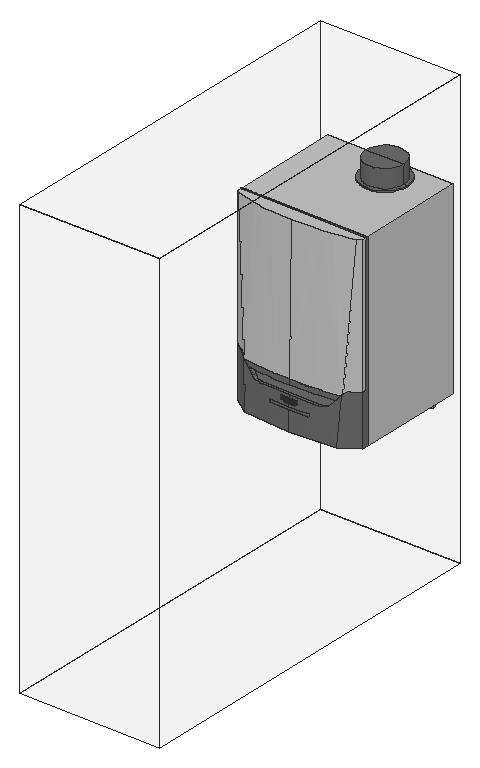
Revit family "Remeha_QuintaAce115_LOD5", category Mechanical Equipment, Revit 2016
Family settings
  Part Type = Normal
  Round Connector Dimension = Use Diameter
  OmniClass Number = 23.75.10.11.14
  OmniClass Title = Hot Water Heat Generators
  Work Plane-Based = No
  Always vertical = Yes
  Cut with Voids When Loaded = Yes
  Shared = No
  Room Calculation Point = No
Parameters (values of type "100/150 Concentric Flue Connection - 150 Connector")
  Weekly = ""
  Water Treatment Required = yes
  Water Content = 9.4 L
  Warranty ID = ""
  Voltage = 230 V
  URL = ""
  Type = "Space heating"
  Turndown Ratio = "5.46:1"
  Text Material = Paint - Black
  Supply Phase = 1
  Starting Current = 0 A
  Sound Pressure Level = "51.0"
  Shipping Weight = 76.50 kg
  Shape = "Rectangular (Vertical)"
  Safety Valve Connection Type = "Unset"
  Safety Valve Connection Size = 0.00 mm
  Responsible Sourcing of Materials = ""
  Responsible Extraction of Materials = ""
  Reference Standard = "GAR 2016/426, BED 92/42/EEC, ErP 2009/125/EC"
  Rated Output = 103900 W
  Rated Criteria = "80/60"
  Quarterly = ""
  Product Range = "Quinta Ace 115"
  Product Model Number = ""
  Product Literature = "https://www.remeha.co.uk/products/wall-hung-range/quinta-ace-30-115"
  Primary Fuel = "Gas - NG"
  Overall Width = 500.00 mm
  Overall Length = 500.00 mm
  Overall Height = 750.00 mm
  Optional Fuel = "LPG"
  Operation and Maintenance Manual = "https://www.remeha.co.uk/products/wall-hung-range/quinta-ace-30-115"
  Oil Consumption rate = 0
  Nominal Oil Inlet Pressure = 0.00000 bar
  Nominal Gas Inlet Pressure = 0.02000 bar
  NOx Emissions = "33"
  Mounting = "Wall Mounted"
  Monthly = ""
  Model = ""
  Minimum Power Consumption = 32 W
  Minimum Operating Pressure = 0.80000 bar
  Minimum Oil Inlet Pressure = 0.00000 bar
  Minimum Gas Inlet Pressure = 0.01700 bar
  Minimum Flow Rate at 20C temperature differential = 1.24 L/s
  Minimum Flow Rate at 11C temperature differential = 2.26 L/s
  Maximum Power Consumption = 182 W
  Maximum Operating Pressure = 4.00000 bar
  Maximum Oil Inlet Pressure = 0.00000 bar
  Maximum Gas Inlet Pressure = 0.02500 bar
  Material Ingredient Reporting = ""
  Manufacturer Website = "www.remeha.co.uk"
  Manufacturer = "Remeha Commercial"
  Maintenance Required 8001 to 12000hrs = ""
  Maintenance Required 601 to 1000hrs = ""
  Maintenance Required 4001 to 8000hrs = ""
  Maintenance Required 301 to 600hrs = ""
  Maintenance Required 2001 to 4000hrs = ""
  Maintenance Required 1001 to 2000hrs = ""
  Maintenance Required 0 to 300hrs = ""
  Location of Manufacturer = ""
  Load Classification = none
  Life Cycle Analysis = ""
  Interlocks = yes
  IfcExportType = "NOTDEFINED"  # constant formula
  IfcExportAs = "IfcBoilerType"  # constant formula
  IP Rating = "X4D"
  IK Rating = "Not Required"
  Hydraulic Resistance at 20C temperature differential = 0.25000 bar
  Hydraulic Resistance at 11C temperature differential = 0.82600 bar
  Heater Operation = "Condensing"
  Heat Exchanger Material = "Aluminium"
  Gross Weight = 74.60 kg
  Green Guide for Specification = ""
  Gas Consumption rate = "11.3"
  Fuse Rating = 2.5 A
  Full Load Current = 0 A
  Fuel Connection Type = "Threaded"
  Fuel Connection Size = 20.00 mm
  Frequency = 50 Hz
  Flue or Air Intake Classification = "B23P,B33,C13,C33,C53,C63,C93"
  Flue Radius = Air Inlet Connection Size / 2  # 75.00 mm
  Flue Connector Size = 150 mm
  Flue Connection size = 100.00 mm
  Flow and Return Connection Type = "Threaded"
  Flow and Return Connection Size = 32.00 mm
  Finish = "High Polish Gardner 60 GRAD 91EH"
  Features = "Remeha's Quinta Pro range are compact high efficiency wall hung condensing boilers. Lighter and more efficienct, their small size make them ideally suited to modular arrangments"
  External Material = "Steel"
  Expected Life = "15"
  ErP Seasonal Efficiency = ""
  ErP Rated Efficiency at Part Load = "97.3"
  ErP Rated Efficiency at Full Load = "87.5"
  ErP Energy Label = "0"
  Environmental Product Declaration = ""
  Energy Technology List = "0"
  Embodied Carbon = ""
  Drain Connection Type = "Unset"
  Drain Connection Size = 25.00 mm
  Description = ""
  Daily = ""
  Control Type = "'0 - 10V, Open Therm, Volt free enable, Direct boiler weather compensating control systems available from Remeha as optional extra's."
  Configuration = "Single boiler"
  Condensate Drain Type = "Plain"
  Condensate Drain Size = 32.00 mm
  Colour = "RAL 9016"
  Clearance Box Visibility [instance] = yes
  Classification.Uniclass.Pr.Number [instance] = "Pr_60_60_08_34"
  Classification.Uniclass.Pr.Description [instance] = "Gas fired Condensing Boilers"
  CE Mark = "0063CS3928"
  Burner Control Type = "Modulating"
  Building Regulations Seasonal Efficiency = "95.44"
  Bespoke Timeframe = ""
  BMS Links = yes
  Annually = "As Per Attached URL O&M Manual"
  Air Inlet Connection Size = 150.00 mm
  Additional Technical Details = "https://www.remeha.co.uk/products/wall-hung-range/quinta-ace-30-115"
  Access Clearance Top = 400.00 mm
  Access Clearance Right = 30.00 mm
  Access Clearance Rear = 0.00 mm
  Access Clearance Left = 30.00 mm
  Access Clearance Front = 1000.00 mm
  Access Clearance Bottom = 600.00 mm
  6 Monthly = ""
Types (2, lengths in mm): name | Flue Connector Size
  100/150 Conventional Flue Connection - 100 Connector | 100
  100/150 Concentric Flue Connection - 150 Connector | 150
Reference planes
  plane 1 "Center (Front/Back)": y = 0
  plane 2: z = 0
  plane 3 "Center (Left/Right)": x = 0
  plane 4: y = -50
  plane 5: y = -75
  plane 6: x = -115
  plane 7: x = 59
  plane 8: x = 119.4
  plane 9: x = 200
  plane 10: x = 250
  plane 11: y = -101
  plane 12: x = -250
  plane 13: y = -500
  plane 14: x = -280
  plane 15: x = 280
  plane 16: y = -1500
  plane 17: y = 0
  plane 18: z = 750
  plane 19: z = 1150
  plane 20: z = -600
  plane 21: z = 824.467
Forms (mm)
  Sweep 1, solid, material "101_240_115"
    path origin (453.507, -50, 3000) x (1, 0, 0) y (0, 0, 1)
      loop
        line (-568.507, -3039.462) -> (-568.507, -3000)
    profile origin (-115, -50, -19.731) x (-1, 0, 0) y (0, -1, 0)
      loop
        circle (0, 0) r 21.2
  Sweep 2, solid
    path origin (453.507, -75, 3000) x (1, 0, 0) y (0, 0, 1)
      loop
        line (-394.507, -3012.462) -> (-394.507, -3000)
    profile origin (59, -75, -6.231) x (-1, 0, 0) y (0, -1, 0)
      loop
        circle (0, 0) r 16.25
  Sweep 3, solid, material "229_0_0"
    path origin (687.907, -50, 3000) x (1, 0, 0) y (0, 0, 1)
      loop
        line (-568.507, -3039.662) -> (-568.507, -3000)
    profile origin (119.4, -50, -19.831) x (-1, 0, 0) y (0, -1, 0)
      loop
        circle (0, 0) r 21.2
  Sweep 4, solid, material "229_229_0"
    path origin (768.507, -50, 3000) x (1, 0, 0) y (0, 0, 1)
      loop
        line (-568.507, -3040) -> (-568.507, -3000)
    profile origin (200, -50, -20) x (-1, 0, 0) y (0, -1, 0)
      loop
        circle (0, 0) r 13.5
  Revolve 5, solid, material "51_51_51"
    sketch origin (453.507, -101, 2990) x (1, 0, 0) y (0, 0, 1)
      loop
        line (-394.507, -2240) -> (-303.507, -2240) -> (-303.507, -2236.533) -> (-319.507, -2236.533) -> (-319.507, -2165.533) -> (-394.507, -2165.533) -> (-394.507, -2240)
      axis (-394.507, -2165.533) -> (-394.507, -2240)
    angle from 0 to 360
  Extrusion 6, solid, material "192_192_192"
    sketch origin (0, 5.687, 0) x (1, 0, 0) y (0, 1, 0)
      loop
        line (-250, -5.687) -> (-250, -432.687) -> (250, -432.687) -> (250, -5.687) -> (-250, -5.687)
    from 0 to 750
  Blend 7, solid, material "51_51_51"
    base sketch origin (0, 5.69, 0) x (1, 0, 0) y (0, 1, 0)
      loop
        line (249.735, -456.82) -> (250.139, -433.688) -> (-250.139, -433.688) -> (-249.735, -456.82) -> (-184.568, -502.286)
        arc (-184.568, -502.286) -> (-92.429, -510.231) -> (0, -513.311) r 1755.189
        arc (0, -513.311) -> (92.429, -510.231) -> (184.568, -502.286) r 1755.189
        line (184.568, -502.286) -> (249.735, -456.82)
    top sketch origin (0, 5.69, 0) x (1, 0, 0) y (0, 1, 0)
      loop
        line (250.139, -433.688) -> (-250.139, -433.688) -> (-249.716, -457.885) -> (-235.73, -467.643)
        arc (-235.73, -467.643) -> (-118.82, -490.038) -> (0, -497.214) r 923.864
        arc (0, -497.214) -> (118.82, -490.038) -> (235.73, -467.643) r 923.864
        line (235.73, -467.643) -> (249.716, -457.885) -> (250.139, -433.688)
    from 0 to 750
  Extrusion 8, void
    sketch origin (0, 0, 0) x (1, 0, 0) y (0, 0, 1)
      loop
        arc (-216.741, 202.277) -> (-209.657, 200.826) -> (-203.818, 196.561) r 17
        line (-203.818, 196.561) -> (-154.08, 141.623)
        arc (-154.08, 141.623) -> (-140.311, 131.663) -> (-123.686, 128.141) r 41
        line (-123.686, 128.141) -> (123.686, 128.141)
        arc (123.686, 128.141) -> (140.311, 131.663) -> (154.08, 141.623) r 41
        line (154.08, 141.623) -> (203.818, 196.561)
        arc (203.818, 196.561) -> (209.657, 200.826) -> (216.741, 202.277) r 17
        line (216.741, 202.277) -> (251.211, 201.857) -> (251.211, 781.159) -> (-251, 781.159) -> (-251, 201.86) -> (-216.741, 202.277)
      loop
        line (-190.992, 184.8) -> (-177.118, 169.664)
        arc (-177.118, 169.664) -> (-172.1, 166.07) -> (-166.06, 164.8) r 15
        line (-166.06, 164.8) -> (166.06, 164.8)
        arc (166.06, 164.8) -> (172.1, 166.07) -> (177.118, 169.664) r 15
        line (177.118, 169.664) -> (190.992, 184.8) -> (-190.992, 184.8)
    from 433.688 to 506.661
  Extrusion 9, void
    sketch origin (0, 5.69, 0) x (0, 1, 0) y (0, 0, 1)
      loop
        line (-507.075, 87.668) -> (-512.351, 87.668) -> (-512.351, 74.979) -> (-507.075, 74.979) -> (-507.075, 87.668)
    from -80 to 80
  Extrusion 10, solid, material "51_51_51"
    sketch origin (0, 5.69, 0) x (0, 1, 0) y (0, 0, 1)
      loop
        line (-494.881, 127.103) -> (-439.378, 127.103) -> (-439.378, 169.103) -> (-474.396, 169.103) -> (-494.881, 127.103)
    from -180 to 180
  Blend 11, solid, material "192_192_192"
    base sketch origin (0, 5.69, 0) x (1, 0, 0) y (0, 1, 0)
      loop
        line (249.735, -456.82) -> (250.139, -433.688) -> (-250.139, -433.688) -> (-249.735, -456.82) -> (-184.568, -502.286)
        arc (-184.568, -502.286) -> (-92.429, -510.231) -> (0, -513.311) r 1755.189
        arc (0, -513.311) -> (92.429, -510.231) -> (184.568, -502.286) r 1755.189
        line (184.568, -502.286) -> (249.735, -456.82)
    top sketch origin (0, 5.69, 0) x (1, 0, 0) y (0, 1, 0)
      loop
        line (250.139, -433.688) -> (-250.139, -433.688) -> (-249.716, -457.885) -> (-235.73, -467.643)
        arc (-235.73, -467.643) -> (-118.82, -490.038) -> (0, -497.214) r 923.864
        arc (0, -497.214) -> (118.82, -490.038) -> (235.73, -467.643) r 923.864
        line (235.73, -467.643) -> (249.716, -457.885) -> (250.139, -433.688)
    from 0 to 750
  Extrusion 12, void
    sketch origin (1400, 0, 0) x (1, 0, 0) y (0, 0, 1)
      loop
        line (-1651, 0) -> (-1148.789, 0) -> (-1148.789, 203.538) -> (-1183.579, 203.961)
        arc (-1183.579, 203.961) -> (-1191.131, 202.462) -> (-1197.432, 198.036) r 18.627
        line (-1197.432, 198.036) -> (-1206.67, 188.061)
        arc (-1206.67, 188.061) -> (-1208.371, 186.852) -> (-1210.413, 186.426) r 5.101
        line (-1210.413, 186.426) -> (-1400, 186.426) -> (-1589.587, 186.426)
        arc (-1589.587, 186.426) -> (-1591.629, 186.852) -> (-1593.33, 188.061) r 5.101
        line (-1593.33, 188.061) -> (-1602.568, 198.036)
        arc (-1602.568, 198.036) -> (-1608.869, 202.462) -> (-1616.421, 203.961) r 18.627
        line (-1616.421, 203.961) -> (-1651, 203.54) -> (-1651, 0)
    from 433.69 to 511.105
  Extrusion 13, solid, material "Clearance", visible <- "Clearance Box Visibility"
    sketch origin (0, 0, 0) x (1, 0, 0) y (0, 1, 0)
      loop
        line (-280, 0) -> (-280, -1500) -> (280, -1500) -> (280, 0) -> (-280, 0)
    from -600 to 1150
  Extrusion 14, solid, material "Paint - Black" <- "Text Material"
    sketch origin (0, 0, 0) x (1, 0, 0) y (0, 0, 1)
      loop
        line (-30.625, 120.395) -> (-30.625, 118.213) -> (30.625, 118.213) -> (30.625, 120.395) -> (-30.625, 120.395)
      loop
        line (-30.625, 106.032) -> (30.625, 106.032) -> (30.625, 108.213) -> (-30.625, 108.213) -> (-30.625, 106.032)
      loop
        line (-28.307, 116.676) -> (-28.307, 109.282) -> (-20.805, 109.282) -> (-20.805, 112.183) -> (-19.053, 112.183)
        arc (-19.053, 112.183) -> (-18.314, 111.847) -> (-18.083, 111.068) r 0.979
        arc (-18.083, 111.068) -> (-18.083, 110.157) -> (-17.832, 109.282) r 3.272
        line (-17.832, 109.282) -> (-16.376, 109.282)
        arc (-16.376, 109.282) -> (-16.561, 110.336) -> (-16.618, 111.404) r 8.915
        arc (-16.618, 111.404) -> (-16.885, 112.268) -> (-17.601, 112.822) r 1.5
        arc (-17.601, 112.822) -> (-16.323, 115.034) -> (-18.28, 116.676) r 1.987
        line (-18.28, 116.676) -> (-20.805, 116.676) -> (-28.307, 116.676)
      loop
        line (-20.805, 115.402) -> (-20.805, 113.382) -> (-18.787, 113.382)
        arc (-18.787, 113.382) -> (-18.37, 113.534) -> (-18.148, 113.918) r 0.649
        arc (-18.148, 113.918) -> (-18.033, 114.426) -> (-18.159, 114.93) r 1.124
        arc (-18.159, 114.93) -> (-18.505, 115.276) -> (-18.976, 115.402) r 0.944
        line (-18.976, 115.402) -> (-20.805, 115.402)
      loop
        line (-26.948, 115.402) -> (-26.948, 110.655) -> (-22.202, 110.655) -> (-22.202, 115.402) -> (-26.948, 115.402)
      loop
        line (-9.068, 114.754) -> (-10.47, 114.754) -> (-10.47, 109.282) -> (-8.958, 109.282) -> (-8.958, 112.222)
        arc (-8.958, 112.222) -> (-8.681, 113.022) -> (-7.968, 113.478) r 1.291
        arc (-7.968, 113.478) -> (-7.458, 113.497) -> (-6.98, 113.316) r 1.291
        line (-6.98, 113.316) -> (-6.98, 114.889)
        arc (-6.98, 114.889) -> (-8.226, 114.723) -> (-9.068, 113.79) r 1.823
        line (-9.068, 113.79) -> (-9.068, 114.754)
      loop
        line (-5.139, 111.705) -> (-1.277, 111.705)
        arc (-1.277, 111.705) -> (-3.967, 114.88) -> (-6.562, 111.627) r 2.694
        arc (-6.562, 111.627) -> (-4.23, 109.192) -> (-1.394, 111.016) r 2.651
        line (-1.394, 111.016) -> (-2.704, 111.016)
        arc (-2.704, 111.016) -> (-4.224, 110.293) -> (-5.139, 111.705) r 1.276
      loop
        line (-5.147, 112.62) -> (-2.707, 112.62)
        arc (-2.707, 112.62) -> (-3.927, 113.841) -> (-5.147, 112.62) r 1.22
      loop
        line (1.337, 113.988) -> (1.337, 114.776) -> (-0.066, 114.776) -> (-0.066, 109.389) -> (1.396, 109.389) -> (1.396, 112.819)
        arc (1.396, 112.819) -> (2.357, 113.78) -> (3.318, 112.819) r 0.961
        line (3.318, 112.819) -> (3.318, 109.389) -> (4.781, 109.389) -> (4.781, 112.819)
        arc (4.781, 112.819) -> (5.723, 113.761) -> (6.665, 112.819) r 0.942
        line (6.665, 112.819) -> (6.665, 109.389) -> (8.107, 109.389) -> (8.107, 112.925)
        arc (8.107, 112.925) -> (8.131, 113.503) -> (7.91, 114.038) r 1.349
        arc (7.91, 114.038) -> (6.224, 114.92) -> (4.538, 114.038) r 2.053
        arc (4.538, 114.038) -> (2.923, 114.936) -> (1.337, 113.988) r 1.848
      loop
        line (10.835, 111.705) -> (14.697, 111.705)
        arc (14.697, 111.705) -> (12.007, 114.88) -> (9.413, 111.627) r 2.694
        arc (9.413, 111.627) -> (11.745, 109.192) -> (14.58, 111.016) r 2.651
        line (14.58, 111.016) -> (13.271, 111.016)
        arc (13.271, 111.016) -> (11.751, 110.293) -> (10.835, 111.705) r 1.276
      loop
        line (10.827, 112.62) -> (13.268, 112.62)
        arc (13.268, 112.62) -> (12.048, 113.841) -> (10.827, 112.62) r 1.22
      loop
        line (17.364, 116.805) -> (15.821, 116.805) -> (15.821, 109.416) -> (17.364, 109.416) -> (17.364, 112.62)
        arc (17.364, 112.62) -> (18.386, 113.878) -> (19.408, 112.62) r 1.044
        line (19.408, 112.62) -> (19.408, 109.416) -> (20.934, 109.416) -> (20.934, 113.081)
        arc (20.934, 113.081) -> (19.516, 114.929) -> (17.364, 114.038) r 1.913
        line (17.364, 114.038) -> (17.364, 116.805)
      loop
        line (22.242, 113.094) -> (23.722, 113.094)
        arc (23.722, 113.094) -> (23.883, 113.574) -> (24.311, 113.847) r 0.76
        arc (24.311, 113.847) -> (24.781, 113.923) -> (25.255, 113.868) r 1.739
        arc (25.255, 113.868) -> (25.672, 113.375) -> (25.347, 112.817) r 0.559
        arc (25.347, 112.817) -> (24.586, 112.573) -> (23.79, 112.514) r 3.395
        arc (23.79, 112.514) -> (23.01, 112.359) -> (22.39, 111.862) r 1.672
        arc (22.39, 111.862) -> (22.047, 110.754) -> (22.507, 109.69) r 1.672
        arc (22.507, 109.69) -> (23.456, 109.312) -> (24.477, 109.296) r 2.817
        arc (24.477, 109.296) -> (25.226, 109.546) -> (25.673, 110.197) r 1.24
        arc (25.673, 110.197) -> (25.722, 109.795) -> (25.841, 109.407) r 2.328
        line (25.841, 109.407) -> (27.312, 109.407)
        arc (27.312, 109.407) -> (27.148, 109.949) -> (27.093, 110.512) r 2.901
        line (27.093, 110.512) -> (27.093, 113.568)
        arc (27.093, 113.568) -> (26.736, 114.43) -> (25.874, 114.787) r 1.219
        arc (25.874, 114.787) -> (24.773, 114.91) -> (23.672, 114.787) r 4.994
        arc (23.672, 114.787) -> (22.673, 114.18) -> (22.242, 113.094) r 1.837
      loop
        arc (23.575, 111.229) -> (23.583, 110.746) -> (23.888, 110.371) r 0.737
        arc (23.888, 110.371) -> (24.388, 110.254) -> (24.895, 110.337) r 1.324
        arc (24.895, 110.337) -> (25.433, 110.755) -> (25.637, 111.405) r 1.14
        line (25.637, 111.405) -> (25.637, 112.191)
        arc (25.637, 112.191) -> (25.209, 111.86) -> (24.672, 111.801) r 0.999
        arc (24.672, 111.801) -> (24.028, 111.698) -> (23.575, 111.229) r 1.029
      loop
        line (-14.73, 105.293) -> (-14.73, 102.893)
        arc (-14.73, 102.893) -> (-14.262, 101.761) -> (-13.13, 101.293) r 1.6
        line (-13.13, 101.293) -> (-11.33, 101.293)
        arc (-11.33, 101.293) -> (-10.199, 101.761) -> (-9.73, 102.893) r 1.6
        line (-9.73, 102.893) -> (-9.73, 105.293) -> (-10.73, 105.293) -> (-10.73, 102.893)
        arc (-10.73, 102.893) -> (-10.965, 102.327) -> (-11.53, 102.093) r 0.8
        line (-11.53, 102.093) -> (-12.93, 102.093)
        arc (-12.93, 102.093) -> (-13.496, 102.327) -> (-13.73, 102.893) r 0.8
        line (-13.73, 102.893) -> (-13.73, 105.293) -> (-14.73, 105.293)
      loop
        line (23.957, 105.293) -> (19.757, 105.293) -> (19.757, 101.293) -> (23.957, 101.293) -> (23.957, 102.093) -> (20.757, 102.093) -> (20.757, 102.893) -> (23.957, 102.893) -> (23.957, 103.693) -> (20.757, 103.693) -> (20.757, 104.493) -> (23.957, 104.493) -> (23.957, 105.293)
      loop
        line (14.257, 103.693) -> (14.257, 102.893)
        arc (14.257, 102.893) -> (14.726, 101.761) -> (15.857, 101.293) r 1.6
        line (15.857, 101.293) -> (17.657, 101.293)
        arc (17.657, 101.293) -> (18.789, 101.761) -> (19.257, 102.893) r 1.6
        line (19.257, 102.893) -> (18.257, 102.893)
        arc (18.257, 102.893) -> (18.023, 102.327) -> (17.457, 102.093) r 0.8
        line (17.457, 102.093) -> (16.057, 102.093)
        arc (16.057, 102.093) -> (15.492, 102.327) -> (15.257, 102.893) r 0.8
        line (15.257, 102.893) -> (15.257, 103.693)
        arc (15.257, 103.693) -> (15.492, 104.259) -> (16.057, 104.493) r 0.8
        line (16.057, 104.493) -> (17.457, 104.493)
        arc (17.457, 104.493) -> (18.023, 104.259) -> (18.257, 103.693) r 0.8
        line (18.257, 103.693) -> (19.257, 103.693)
        arc (19.257, 103.693) -> (18.789, 104.824) -> (17.657, 105.293) r 1.6
        line (17.657, 105.293) -> (15.857, 105.293)
        arc (15.857, 105.293) -> (14.726, 104.824) -> (14.257, 103.693) r 1.6
      loop
        line (10.851, 105.293) -> (9.07, 101.293) -> (10.164, 101.293) -> (10.521, 102.093) -> (12.619, 102.093) -> (12.975, 101.293) -> (14.07, 101.293) -> (12.289, 105.293) -> (10.851, 105.293)
      loop
        line (10.877, 102.893) -> (12.263, 102.893) -> (11.57, 104.449) -> (10.877, 102.893)
      loop
        line (-20.23, 103.693) -> (-20.23, 102.893)
        arc (-20.23, 102.893) -> (-19.762, 101.761) -> (-18.63, 101.293) r 1.6
        line (-18.63, 101.293) -> (-16.83, 101.293)
        arc (-16.83, 101.293) -> (-16.428, 101.344) -> (-16.052, 101.495) r 1.6
        line (-16.052, 101.495) -> (-15.593, 100.84) -> (-14.937, 101.299) -> (-15.467, 102.055)
        arc (-15.467, 102.055) -> (-15.291, 102.458) -> (-15.23, 102.893) r 1.6
        line (-15.23, 102.893) -> (-15.23, 103.693)
        arc (-15.23, 103.693) -> (-15.699, 104.824) -> (-16.83, 105.293) r 1.6
        line (-16.83, 105.293) -> (-18.63, 105.293)
        arc (-18.63, 105.293) -> (-19.762, 104.824) -> (-20.23, 103.693) r 1.6
      loop
        line (-19.23, 103.693) -> (-19.23, 102.893)
        arc (-19.23, 102.893) -> (-18.996, 102.327) -> (-18.43, 102.093) r 0.8
        line (-18.43, 102.093) -> (-17.03, 102.093)
        arc (-17.03, 102.093) -> (-16.465, 102.327) -> (-16.23, 102.893) r 0.8
        line (-16.23, 102.893) -> (-16.23, 103.693)
        arc (-16.23, 103.693) -> (-16.465, 104.259) -> (-17.03, 104.493) r 0.8
        line (-17.03, 104.493) -> (-18.43, 104.493)
        arc (-18.43, 104.493) -> (-18.996, 104.259) -> (-19.23, 103.693) r 0.8
      loop
        line (-9.23, 105.293) -> (-9.23, 101.293) -> (-8.23, 101.293) -> (-8.23, 105.293) -> (-9.23, 105.293)
      loop
        line (-7.73, 105.293) -> (-7.73, 101.293) -> (-6.73, 101.293) -> (-6.73, 104.493) -> (-4.405, 101.293) -> (-2.73, 101.293) -> (-2.73, 105.293) -> (-3.73, 105.293) -> (-3.73, 102.093) -> (-6.055, 105.293) -> (-7.73, 105.293)
      loop
        line (-2.23, 105.293) -> (-2.23, 104.493) -> (-0.23, 104.493) -> (-0.23, 101.293) -> (0.77, 101.293) -> (0.77, 104.493) -> (2.77, 104.493) -> (2.77, 105.293) -> (-2.23, 105.293)
      loop
        line (3.851, 105.293) -> (2.07, 101.293) -> (3.164, 101.293) -> (3.521, 102.093) -> (5.619, 102.093) -> (5.975, 101.293) -> (7.07, 101.293) -> (5.289, 105.293) -> (3.851, 105.293)
      loop
        line (3.877, 102.893) -> (5.263, 102.893) -> (4.57, 104.449) -> (3.877, 102.893)
    from 505 to 506.998
Cuts and joins
  Extrusion 8, Extrusion 9 cuts Blend 7
  joined: Blend 7, Extrusion 10
  Extrusion 12 cuts Blend 11
Dimensions and locks
  locked: plane 4 to plane 1 "Center (Front/Back)" at 50
  locked: plane 5 to plane 1 "Center (Front/Back)" at 75
  locked: plane 9 to plane 10 at 50
  locked: plane 8 to plane 10 at 130.6
  locked: plane 7 to plane 10 at 191
  locked: plane 6 to plane 10 at 365
  locked: plane 11 to plane 1 "Center (Front/Back)" at 101
  "Flue Radius": Revolve 5 sketch curve to plane 7
  locked: Revolve 5 sketch curve to plane 7 at 91
  equal spacing: plane 12, plane 3 "Center (Left/Right)", plane 10
  locked: plane 13 to plane 1 "Center (Front/Back)" at 500
  "Access Clearance Front": plane 16 to plane 13
  "Access Clearance Rear": plane 1 "Center (Front/Back)" to plane 17
  locked: plane 12 to plane 10 at 500
  "Access Clearance Right": plane 10 to plane 15
  "Access Clearance Left": plane 14 to plane 12
  "Overall Height": plane 18 to plane 2
  "Access Clearance Bottom": plane 2 to plane 20
  "Access Clearance Top": plane 19 to plane 18
  locked: plane 21 to plane 18 at 74.467
  plane 3 "Center (Left/Right)" to Extrusion 13 = 280.00 mm
  aligned and locked: level to plane 2
  aligned and locked: plane 6 to Sweep 1 sketch curve
  aligned and locked: profile plane to Sweep 1 sketch curve  (x2)
  aligned and locked: profile plane to Sweep 2 sketch curve  (x2)
  aligned and locked: Sweep 2 sketch curve to plane 7
  aligned and locked: profile plane to Sweep 3 sketch curve  (x2)
  aligned and locked: plane 8 to Sweep 3 sketch curve
  aligned and locked: profile plane to Sweep 4 sketch curve  (x2)
  aligned and locked: plane 9 to Sweep 4 sketch curve
  aligned and locked: Revolve 5 sketch curve to plane 7
  aligned and locked: plane 17 to Extrusion 13 sketch curve
  aligned and locked: plane 14 to Extrusion 13 sketch curve
  aligned and locked: Extrusion 13 sketch curve to plane 15
  aligned and locked: Extrusion 13 sketch curve to plane 16
  aligned and locked: Revolve 5 to plane 21
  aligned and locked: Revolve 5 to plane 18
  aligned and locked: Extrusion 13 to plane 19
Automatic sketch dimensions
  Sweep 1 sketch curve to level = 0.00 mm
  Sweep 1 sketch curve to level = 39.462 mm
  Sweep 2 sketch curve to level = 0.00 mm
  Sweep 2 sketch curve to level = 12.462 mm
  Sweep 3 sketch curve to level = 0.00 mm
  Sweep 3 sketch curve to Sweep 3 sketch curve = 39.662 mm
  Sweep 4 sketch curve to level = 0.00 mm
  Sweep 4 sketch curve to Sweep 4 sketch curve = 40.00 mm
  Extrusion 6 sketch curve to plane 10 = 0.00 mm
  plane 1 "Center (Front/Back)" to Extrusion 6 sketch curve = 0.00 mm
  Extrusion 6 sketch curve to plane 6 = 135.00 mm
  plane 11 to Extrusion 6 sketch curve = 326.00 mm
  Blend 7 sketch curve to plane 3 "Center (Left/Right)" = 0.00 mm  (x2)
  Blend 7 sketch curve to plane 3 "Center (Left/Right)" = 12.233 mm
  Blend 7 sketch curve to plane 6 = 69.568 mm
  Blend 7 sketch curve to Blend 7 sketch curve = 65.167 mm
  Blend 7 sketch curve to Blend 7 sketch curve = 0.404 mm
  plane 3 "Center (Left/Right)" to Blend 7 sketch curve = 12.233 mm
  Blend 7 sketch curve to plane 9 = 15.432 mm
  Blend 7 sketch curve to plane 10 = 0.265 mm
  plane 10 to Blend 7 sketch curve = 0.139 mm  (x2)
  plane 11 to Blend 7 sketch curve = 395.596 mm
  Blend 7 sketch curve to Blend 7 sketch curve = 0.00 mm
  Blend 7 sketch curve to Blend 7 sketch curve = 45.466 mm  (x2)
  Blend 7 sketch curve to Blend 7 sketch curve = 23.133 mm
  Blend 7 sketch curve to plane 1 "Center (Front/Back)" = 1247.525 mm
  Blend 7 sketch curve to plane 3 "Center (Left/Right)" = 3.828 mm
  Blend 7 sketch curve to plane 6 = 120.73 mm
  Blend 7 sketch curve to Blend 7 sketch curve = 13.986 mm
  Blend 7 sketch curve to Blend 7 sketch curve = 0.422 mm
  plane 3 "Center (Left/Right)" to Blend 7 sketch curve = 3.828 mm
  Blend 7 sketch curve to plane 10 = 14.27 mm
  Blend 7 sketch curve to plane 10 = 0.284 mm
  plane 11 to Blend 7 sketch curve = 360.953 mm
  plane 1 "Center (Front/Back)" to Blend 7 sketch curve = 461.953 mm
  Blend 7 sketch curve to Blend 7 sketch curve = 9.758 mm  (x2)
  Blend 7 sketch curve to Blend 7 sketch curve = 24.198 mm
  Blend 7 sketch curve to plane 1 "Center (Front/Back)" = 432.332 mm
  Extrusion 8 sketch curve to plane 6 = 136.00 mm
  Extrusion 8 sketch curve to Extrusion 8 sketch curve = 34.259 mm
  Extrusion 8 sketch curve to Extrusion 8 sketch curve = 0.207 mm
  Extrusion 8 sketch curve to Extrusion 8 sketch curve = 12.923 mm  (x2)
  Extrusion 8 sketch curve to Extrusion 8 sketch curve = 12.826 mm
  Extrusion 8 sketch curve to Extrusion 8 sketch curve = 13.874 mm
  Extrusion 8 sketch curve to Extrusion 8 sketch curve = 11.057 mm  (x2)
  Extrusion 8 sketch curve to Extrusion 8 sketch curve = 11.98 mm  (x2)
  Extrusion 8 sketch curve to plane 6 = 8.686 mm
  plane 8 to Extrusion 8 sketch curve = 4.286 mm
  Extrusion 8 sketch curve to Extrusion 8 sketch curve = 30.394 mm
  Extrusion 8 sketch curve to plane 9 = 9.008 mm
  plane 9 to Extrusion 8 sketch curve = 3.818 mm
  plane 9 to Extrusion 8 sketch curve = 16.534 mm
  plane 10 to Extrusion 8 sketch curve = 1.211 mm
  level to Extrusion 8 sketch curve = 128.141 mm
  Extrusion 8 sketch curve to Extrusion 8 sketch curve = 13.483 mm  (x2)
  Extrusion 8 sketch curve to Extrusion 8 sketch curve = 23.177 mm
  Extrusion 8 sketch curve to Extrusion 8 sketch curve = 4.864 mm  (x2)
  Extrusion 8 sketch curve to Extrusion 8 sketch curve = 15.136 mm
  Extrusion 8 sketch curve to Extrusion 8 sketch curve = 0.478 mm  (x2)
  Extrusion 8 sketch curve to Extrusion 8 sketch curve = 11.283 mm  (x2)
  Extrusion 8 sketch curve to Extrusion 8 sketch curve = 0.42 mm
  Extrusion 8 sketch curve to Extrusion 8 sketch curve = 0.417 mm
  Extrusion 8 sketch curve to Extrusion 8 sketch curve = 579.299 mm
  level to Extrusion 9 sketch curve = 87.668 mm
  plane 11 to Extrusion 9 sketch curve = 405.661 mm
  Extrusion 9 sketch curve to Extrusion 9 sketch curve = 5.277 mm
  Extrusion 9 sketch curve to Extrusion 9 sketch curve = 12.689 mm
  level to Extrusion 10 sketch curve = 127.103 mm
  plane 11 to Extrusion 10 sketch curve = 388.191 mm
  Extrusion 10 sketch curve to Extrusion 10 sketch curve = 20.485 mm
  Extrusion 10 sketch curve to Extrusion 10 sketch curve = 35.018 mm
  Extrusion 10 sketch curve to Extrusion 10 sketch curve = 42.00 mm
  Blend 11 sketch curve to plane 3 "Center (Left/Right)" = 0.00 mm  (x2)
  Blend 11 sketch curve to plane 3 "Center (Left/Right)" = 12.233 mm
  Blend 11 sketch curve to plane 6 = 69.568 mm
  Blend 11 sketch curve to Blend 11 sketch curve = 65.167 mm
  Blend 11 sketch curve to Blend 11 sketch curve = 0.404 mm
  plane 3 "Center (Left/Right)" to Blend 11 sketch curve = 12.233 mm
  Blend 11 sketch curve to plane 9 = 15.432 mm
  Blend 11 sketch curve to plane 10 = 0.265 mm
  plane 10 to Blend 11 sketch curve = 0.139 mm  (x2)
  plane 11 to Blend 11 sketch curve = 395.596 mm
  Blend 11 sketch curve to Blend 11 sketch curve = 0.00 mm
  Blend 11 sketch curve to Blend 11 sketch curve = 45.466 mm  (x2)
  Blend 11 sketch curve to Blend 11 sketch curve = 23.133 mm
  Blend 11 sketch curve to plane 1 "Center (Front/Back)" = 1247.525 mm
  Blend 11 sketch curve to plane 3 "Center (Left/Right)" = 3.828 mm
  Blend 11 sketch curve to plane 6 = 120.73 mm
  Blend 11 sketch curve to Blend 11 sketch curve = 13.986 mm
  Blend 11 sketch curve to Blend 11 sketch curve = 0.422 mm
  plane 3 "Center (Left/Right)" to Blend 11 sketch curve = 3.828 mm
  Blend 11 sketch curve to plane 10 = 14.27 mm
  Blend 11 sketch curve to plane 10 = 0.284 mm
  plane 11 to Blend 11 sketch curve = 360.953 mm
  plane 1 "Center (Front/Back)" to Blend 11 sketch curve = 461.953 mm
  Blend 11 sketch curve to Blend 11 sketch curve = 9.758 mm  (x2)
  Blend 11 sketch curve to Blend 11 sketch curve = 24.198 mm
  Blend 11 sketch curve to plane 1 "Center (Front/Back)" = 432.332 mm
  Extrusion 12 sketch curve to level = 0.00 mm
  Extrusion 12 sketch curve to plane 3 "Center (Left/Right)" = 0.00 mm
  Extrusion 12 sketch curve to plane 6 = 74.587 mm
  Extrusion 12 sketch curve to Extrusion 12 sketch curve = 3.742 mm  (x2)
  Extrusion 12 sketch curve to Extrusion 12 sketch curve = 9.238 mm
  Extrusion 12 sketch curve to Extrusion 12 sketch curve = 13.626 mm
  Extrusion 12 sketch curve to Extrusion 12 sketch curve = 13.853 mm  (x2)
  Extrusion 12 sketch curve to plane 6 = 136.00 mm
  Extrusion 12 sketch curve to plane 9 = 10.413 mm
  plane 9 to Extrusion 12 sketch curve = 2.568 mm
  plane 9 to Extrusion 12 sketch curve = 16.194 mm
  plane 10 to Extrusion 12 sketch curve = 1.211 mm
  level to Extrusion 12 sketch curve = 185.336 mm  (x2)
  Extrusion 12 sketch curve to Extrusion 12 sketch curve = 1.09 mm
  Extrusion 12 sketch curve to Extrusion 12 sketch curve = 1.635 mm  (x2)
  Extrusion 12 sketch curve to Extrusion 12 sketch curve = 9.975 mm  (x2)
  Extrusion 12 sketch curve to Extrusion 12 sketch curve = 0.424 mm
  Extrusion 12 sketch curve to Extrusion 12 sketch curve = 0.421 mm
  Extrusion 14 sketch curve to Extrusion 14 sketch curve = 0.00 mm  (x35)
  Extrusion 14 sketch curve to plane 3 "Center (Left/Right)" = 30.625 mm
  Extrusion 14 sketch curve to Extrusion 14 sketch curve = 2.318 mm
  Extrusion 14 sketch curve to Extrusion 14 sketch curve = 1.36 mm
  Extrusion 14 sketch curve to Extrusion 14 sketch curve = 4.746 mm
  Extrusion 14 sketch curve to Extrusion 14 sketch curve = 1.397 mm  (x2)
  Extrusion 14 sketch curve to Extrusion 14 sketch curve = 0.575 mm
  Extrusion 14 sketch curve to Extrusion 14 sketch curve = 1.00 mm  (x9)
  Extrusion 14 sketch curve to Extrusion 14 sketch curve = 1.648 mm
  Extrusion 14 sketch curve to Extrusion 14 sketch curve = 1.752 mm
  Extrusion 14 sketch curve to Extrusion 14 sketch curve = 0.18 mm
  Extrusion 14 sketch curve to Extrusion 14 sketch curve = 0.19 mm
  Extrusion 14 sketch curve to Extrusion 14 sketch curve = 0.60 mm  (x9)
  Extrusion 14 sketch curve to Extrusion 14 sketch curve = 0.20 mm  (x10)
  Extrusion 14 sketch curve to Extrusion 14 sketch curve = 0.696 mm
  Extrusion 14 sketch curve to Extrusion 14 sketch curve = 0.935 mm
  Extrusion 14 sketch curve to Extrusion 14 sketch curve = 0.286 mm  (x2)
  Extrusion 14 sketch curve to Extrusion 14 sketch curve = 1.40 mm  (x3)
  Extrusion 14 sketch curve to Extrusion 14 sketch curve = 1.456 mm
  Extrusion 14 sketch curve to Extrusion 14 sketch curve = 0.779 mm
  Extrusion 14 sketch curve to Extrusion 14 sketch curve = 0.459 mm
  Extrusion 14 sketch curve to Extrusion 14 sketch curve = 0.584 mm
  Extrusion 14 sketch curve to Extrusion 14 sketch curve = 0.655 mm
  Extrusion 14 sketch curve to Extrusion 14 sketch curve = 1.533 mm
  Extrusion 14 sketch curve to Extrusion 14 sketch curve = 0.50 mm  (x5)
  Extrusion 14 sketch curve to Extrusion 14 sketch curve = 4.373 mm
  Extrusion 14 sketch curve to Extrusion 14 sketch curve = 1.402 mm
  Extrusion 14 sketch curve to Extrusion 14 sketch curve = 1.512 mm
  Extrusion 14 sketch curve to Extrusion 14 sketch curve = 1.255 mm
  Extrusion 14 sketch curve to Extrusion 14 sketch curve = 0.036 mm
  Extrusion 14 sketch curve to Extrusion 14 sketch curve = 0.29 mm
  Extrusion 14 sketch curve to Extrusion 14 sketch curve = 0.396 mm
  Extrusion 14 sketch curve to Extrusion 14 sketch curve = 0.675 mm  (x2)
  Extrusion 14 sketch curve to Extrusion 14 sketch curve = 1.833 mm
  Extrusion 14 sketch curve to Extrusion 14 sketch curve = 0.008 mm  (x2)
  Extrusion 14 sketch curve to Extrusion 14 sketch curve = 2.325 mm
  Extrusion 14 sketch curve to Extrusion 14 sketch curve = 1.22 mm  (x2)
  Extrusion 14 sketch curve to Extrusion 14 sketch curve = 0.001 mm  (x2)
  Extrusion 14 sketch curve to Extrusion 14 sketch curve = 0.009 mm  (x2)
  Extrusion 14 sketch curve to Extrusion 14 sketch curve = 0.043 mm  (x2)
  Extrusion 14 sketch curve to Extrusion 14 sketch curve = 1.172 mm  (x2)
  Extrusion 14 sketch curve to Extrusion 14 sketch curve = 1.31 mm  (x2)
  Extrusion 14 sketch curve to Extrusion 14 sketch curve = 0.117 mm  (x2)
  Extrusion 14 sketch curve to plane 3 "Center (Left/Right)" = 0.23 mm
  Extrusion 14 sketch curve to plane 3 "Center (Left/Right)" = 0.066 mm
  plane 3 "Center (Left/Right)" to Extrusion 14 sketch curve = 0.77 mm
  plane 3 "Center (Left/Right)" to Extrusion 14 sketch curve = 1.337 mm
  plane 3 "Center (Left/Right)" to Extrusion 14 sketch curve = 1.396 mm
  Extrusion 14 sketch curve to Extrusion 14 sketch curve = 1.30 mm
  Extrusion 14 sketch curve to Extrusion 14 sketch curve = 0.961 mm
  Extrusion 14 sketch curve to Extrusion 14 sketch curve = 2.00 mm  (x2)
  Extrusion 14 sketch curve to Extrusion 14 sketch curve = 0.366 mm
  Extrusion 14 sketch curve to Extrusion 14 sketch curve = 1.095 mm  (x4)
  Extrusion 14 sketch curve to Extrusion 14 sketch curve = 0.356 mm  (x8)
  Extrusion 14 sketch curve to Extrusion 14 sketch curve = 1.081 mm
  Extrusion 14 sketch curve to Extrusion 14 sketch curve = 0.719 mm  (x4)
  Extrusion 14 sketch curve to Extrusion 14 sketch curve = 1.463 mm
  Extrusion 14 sketch curve to Extrusion 14 sketch curve = 1.386 mm  (x2)
  Extrusion 14 sketch curve to Extrusion 14 sketch curve = 0.942 mm
  Extrusion 14 sketch curve to Extrusion 14 sketch curve = 0.441 mm
  Extrusion 14 sketch curve to Extrusion 14 sketch curve = 0.137 mm
  Extrusion 14 sketch curve to Extrusion 14 sketch curve = 1.304 mm
  Extrusion 14 sketch curve to Extrusion 14 sketch curve = 2.721 mm
  Extrusion 14 sketch curve to Extrusion 14 sketch curve = 0.33 mm
  Extrusion 14 sketch curve to Extrusion 14 sketch curve = 1.995 mm  (x2)
  Extrusion 14 sketch curve to Extrusion 14 sketch curve = 2.553 mm
  Extrusion 14 sketch curve to Extrusion 14 sketch curve = 1.542 mm  (x2)
  Extrusion 14 sketch curve to Extrusion 14 sketch curve = 1.022 mm
  Extrusion 14 sketch curve to Extrusion 14 sketch curve = 0.635 mm
  Extrusion 14 sketch curve to Extrusion 14 sketch curve = 0.388 mm
  Extrusion 14 sketch curve to Extrusion 14 sketch curve = 1.50 mm
  Extrusion 14 sketch curve to Extrusion 14 sketch curve = 1.526 mm
  Extrusion 14 sketch curve to Extrusion 14 sketch curve = 1.309 mm
  Extrusion 14 sketch curve to Extrusion 14 sketch curve = 1.474 mm
  Extrusion 14 sketch curve to Extrusion 14 sketch curve = 1.48 mm
  Extrusion 14 sketch curve to Extrusion 14 sketch curve = 0.217 mm
  Extrusion 14 sketch curve to Extrusion 14 sketch curve = 3.20 mm  (x2)
  Extrusion 14 sketch curve to Extrusion 14 sketch curve = 0.355 mm
  Extrusion 14 sketch curve to Extrusion 14 sketch curve = 0.558 mm
  Extrusion 14 sketch curve to Extrusion 14 sketch curve = 0.158 mm
  Extrusion 14 sketch curve to Extrusion 14 sketch curve = 0.205 mm
  Extrusion 14 sketch curve to Extrusion 14 sketch curve = 0.406 mm
  Extrusion 14 sketch curve to Extrusion 14 sketch curve = 0.064 mm
  Extrusion 14 sketch curve to Extrusion 14 sketch curve = 0.024 mm
  Extrusion 14 sketch curve to Extrusion 14 sketch curve = 0.293 mm
  Extrusion 14 sketch curve to Extrusion 14 sketch curve = 0.386 mm
  Extrusion 14 sketch curve to Extrusion 14 sketch curve = 0.353 mm
  Extrusion 14 sketch curve to Extrusion 14 sketch curve = 0.28 mm
  Extrusion 14 sketch curve to Extrusion 14 sketch curve = 0.818 mm
  Extrusion 14 sketch curve to Extrusion 14 sketch curve = 1.068 mm
  Extrusion 14 sketch curve to Extrusion 14 sketch curve = 0.759 mm
  Extrusion 14 sketch curve to Extrusion 14 sketch curve = 1.219 mm
  Extrusion 14 sketch curve to Extrusion 14 sketch curve = 0.219 mm
  Extrusion 14 sketch curve to Extrusion 14 sketch curve = 0.906 mm
  Extrusion 14 sketch curve to Extrusion 14 sketch curve = 4.751 mm
  Extrusion 14 sketch curve to Extrusion 14 sketch curve = 0.631 mm
  level to Extrusion 14 sketch curve = 100.84 mm
  Extrusion 14 sketch curve to Extrusion 14 sketch curve = 0.453 mm  (x3)
  Extrusion 14 sketch curve to Extrusion 14 sketch curve = 0.80 mm  (x16)
  Extrusion 14 sketch curve to Extrusion 14 sketch curve = 1.556 mm  (x2)
  Extrusion 14 sketch curve to Extrusion 14 sketch curve = 2.40 mm  (x2)
  Extrusion 14 sketch curve to Extrusion 14 sketch curve = 0.044 mm
  Extrusion 14 sketch curve to Extrusion 14 sketch curve = 1.60 mm
  Extrusion 14 sketch curve to Extrusion 14 sketch curve = 0.844 mm
  Extrusion 14 sketch curve to Extrusion 14 sketch curve = 2.339 mm
  Extrusion 14 sketch curve to Extrusion 14 sketch curve = 2.181 mm  (x2)
  Extrusion 14 sketch curve to Extrusion 14 sketch curve = 3.989 mm  (x2)
  Extrusion 14 sketch curve to Extrusion 14 sketch curve = 1.069 mm
  Extrusion 14 sketch curve to Extrusion 14 sketch curve = 4.096 mm
  Extrusion 14 sketch curve to Extrusion 14 sketch curve = 4.114 mm
  Extrusion 14 sketch curve to Extrusion 14 sketch curve = 4.124 mm
  Extrusion 14 sketch curve to Extrusion 14 sketch curve = 0.509 mm
  Extrusion 14 sketch curve to Extrusion 14 sketch curve = 0.234 mm
  Extrusion 14 sketch curve to Extrusion 14 sketch curve = 0.62 mm  (x2)
  Extrusion 14 sketch curve to Extrusion 14 sketch curve = 1.331 mm
  Extrusion 14 sketch curve to Extrusion 14 sketch curve = 1.374 mm
  Extrusion 14 sketch curve to Extrusion 14 sketch curve = 0.249 mm
  Extrusion 14 sketch curve to Extrusion 14 sketch curve = 0.059 mm
  Extrusion 14 sketch curve to Extrusion 14 sketch curve = 0.213 mm
  Extrusion 14 sketch curve to Extrusion 14 sketch curve = 1.599 mm
  Extrusion 14 sketch curve to Extrusion 14 sketch curve = 1.627 mm
  Extrusion 14 sketch curve to Extrusion 14 sketch curve = 1.922 mm
  Extrusion 14 sketch curve to Extrusion 14 sketch curve = 2.062 mm
  Extrusion 14 sketch curve to Extrusion 14 sketch curve = 0.346 mm
  Extrusion 14 sketch curve to Extrusion 14 sketch curve = 0.506 mm  (x2)
  Extrusion 14 sketch curve to Extrusion 14 sketch curve = 0.173 mm
  Extrusion 14 sketch curve to Extrusion 14 sketch curve = 0.303 mm  (x2)
  Extrusion 14 sketch curve to Extrusion 14 sketch curve = 0.496 mm
  Extrusion 14 sketch curve to Extrusion 14 sketch curve = 0.979 mm
  Extrusion 14 sketch curve to Extrusion 14 sketch curve = 0.606 mm
  Extrusion 14 sketch curve to Extrusion 14 sketch curve = 0.363 mm  (x2)
  Extrusion 14 sketch curve to Extrusion 14 sketch curve = 0.786 mm
  Extrusion 14 sketch curve to Extrusion 14 sketch curve = 0.879 mm
  Extrusion 14 sketch curve to Extrusion 14 sketch curve = 3.204 mm
  Extrusion 14 sketch curve to Extrusion 14 sketch curve = 0.434 mm  (x2)
  Extrusion 14 sketch curve to Extrusion 14 sketch curve = 0.603 mm
  Extrusion 14 sketch curve to Extrusion 14 sketch curve = 1.192 mm
  Extrusion 14 sketch curve to Extrusion 14 sketch curve = 0.214 mm
  Extrusion 14 sketch curve to Extrusion 14 sketch curve = 0.048 mm
  Extrusion 14 sketch curve to Extrusion 14 sketch curve = 0.106 mm
  Extrusion 14 sketch curve to Extrusion 14 sketch curve = 0.209 mm
  Extrusion 14 sketch curve to Extrusion 14 sketch curve = 0.461 mm
  Extrusion 14 sketch curve to Extrusion 14 sketch curve = 0.269 mm
  Extrusion 14 sketch curve to Extrusion 14 sketch curve = 0.012 mm
  Extrusion 14 sketch curve to Extrusion 14 sketch curve = 0.11 mm
  Extrusion 14 sketch curve to Extrusion 14 sketch curve = 0.206 mm
  Extrusion 14 sketch curve to Extrusion 14 sketch curve = 0.45 mm
  Extrusion 14 sketch curve to Extrusion 14 sketch curve = 0.539 mm
  Extrusion 14 sketch curve to Extrusion 14 sketch curve = 1.198 mm
  Extrusion 14 sketch curve to Extrusion 14 sketch curve = 0.242 mm
  Extrusion 14 sketch curve to Extrusion 14 sketch curve = 1.568 mm
  Extrusion 14 sketch curve to Extrusion 14 sketch curve = 1.169 mm
  Extrusion 14 sketch curve to Extrusion 14 sketch curve = 0.649 mm
  Extrusion 14 sketch curve to Extrusion 14 sketch curve = 0.382 mm
  Extrusion 14 sketch curve to Extrusion 14 sketch curve = 0.046 mm
  Extrusion 14 sketch curve to Extrusion 14 sketch curve = 0.23 mm
  Extrusion 14 sketch curve to Extrusion 14 sketch curve = 0.963 mm
  Extrusion 14 sketch curve to Extrusion 14 sketch curve = 0.788 mm
  Extrusion 14 sketch curve to Extrusion 14 sketch curve = 4.747 mm
  Extrusion 14 sketch curve to Extrusion 14 sketch curve = 1.119 mm
  Extrusion 14 sketch curve to Extrusion 14 sketch curve = 1.274 mm
  Extrusion 14 sketch curve to Extrusion 14 sketch curve = 2.767 mm
  Extrusion 14 sketch curve to Extrusion 14 sketch curve = 4.645 mm
  Extrusion 14 sketch curve to Extrusion 14 sketch curve = 0.121 mm
  Extrusion 14 sketch curve to Extrusion 14 sketch curve = 0.547 mm
  Extrusion 14 sketch curve to Extrusion 14 sketch curve = 0.591 mm
  Extrusion 14 sketch curve to Extrusion 14 sketch curve = 0.243 mm
  Extrusion 14 sketch curve to Extrusion 14 sketch curve = 0.148 mm
  Extrusion 14 sketch curve to Extrusion 14 sketch curve = 1.573 mm
  Extrusion 14 sketch curve to Extrusion 14 sketch curve = 0.141 mm
  Extrusion 14 sketch curve to Extrusion 14 sketch curve = 0.218 mm
  Extrusion 14 sketch curve to Extrusion 14 sketch curve = 0.171 mm
  Extrusion 14 sketch curve to Extrusion 14 sketch curve = 0.172 mm
  Extrusion 14 sketch curve to Extrusion 14 sketch curve = 0.296 mm
  Revolve 5 sketch curve to plane 7 = 0.00 mm
  Revolve 5 sketch curve to plane 18 = 0.00 mm
  Revolve 5 sketch curve to plane 21 = 0.00 mm
  Revolve 5 sketch curve to Revolve 5 sketch curve = 3.467 mm
  plane 18 to Revolve 5 sketch curve = 33.884 mm
  Revolve 5 sketch curve to plane 19 = 29.116 mm
  radius of Sweep 1 sketch curve = 21.20 mm
  radius of Sweep 2 sketch curve = 16.25 mm
  radius of Sweep 3 sketch curve = 21.20 mm
  radius of Sweep 4 sketch curve = 13.50 mm
Connectors
  piping at (-115, -50, -39.462), diameter 32, driven by "Flow and Return Connection Size"
    settings: on Sweep 1, index 1, connector inside diameter 609.6 mm, connector length 0.00 mm, flow factor 0, pipe flow 0.0 L/s, pressure drop 0.00000 bar, fitting loss kfactor 0, connector angle 0.00°, fixture units 0, engagement length 0.00 mm, angle of deflection 0.00°, flow configuration 1, flow direction 1, fitting loss method 0, system type 20, joint type 0, gender type 0, connector reference index -1, connector utility 0, adjustable connector no, is connector primary yes, connector description "Return"
  piping at (119.4, -50, -39.662), diameter 32, driven by "Flow and Return Connection Size"
    settings: on Sweep 3, index 2, connector inside diameter 609.6 mm, connector length 0.00 mm, flow factor 0, pipe flow 0.0 L/s, pressure drop 0.00000 bar, fitting loss kfactor 0, connector angle 0.00°, fixture units 0, engagement length 0.00 mm, angle of deflection 0.00°, flow configuration 0, flow direction 2, fitting loss method 0, system type 19, joint type 0, gender type 0, connector reference index -1, connector utility 0, adjustable connector no, is connector primary no, connector description "Flow"
  piping at (200, -50, -40), diameter 20, driven by "Fuel Connection Size"
    settings: on Sweep 4, index 3, connector inside diameter 609.6 mm, connector length 0.00 mm, flow factor 0, pipe flow 0.0 L/s, pressure drop 0.00000 bar, fitting loss kfactor 0, connector angle 0.00°, fixture units 0, engagement length 0.00 mm, angle of deflection 0.00°, flow configuration 1, flow direction 1, fitting loss method 0, system type 22, joint type 0, gender type 0, connector reference index -1, connector utility 0, adjustable connector no, is connector primary no, connector description "Fuel"
  piping at (59, -75, -12.462), diameter 25, driven by "Drain Connection Size"
    settings: on Sweep 2, index 4, connector inside diameter 609.6 mm, connector length 0.00 mm, flow factor 0, pipe flow 0.0 L/s, pressure drop 0.00000 bar, fitting loss kfactor 0, connector angle 0.00°, fixture units 0, engagement length 0.00 mm, angle of deflection 0.00°, flow configuration 1, flow direction 2, fitting loss method 0, system type 16, joint type 0, gender type 0, connector reference index -1, connector utility 0, adjustable connector no, is connector primary no, connector description "Drain"
  hvac at (59, -101, 824.467), driven by "Flue Connector Size"
    settings: on Revolve 5, index 5, duct flow 0.0 L/s, flow factor 0, pres drop 0.00000 bar, loss coef 0, conn angle 0.00°, conn width 304.8 mm, conn height 304.8 mm, conn diameter 150 mm, duct sys type 3, conn prof type 0, flow config 0, flow direction 0, loss method 0, conn ref index -1, conn util no, is conn primary yes, conn desc "Flue"
  electrical at (0, 0, 375), driven by "Voltage", driven by "Maximum Power Consumption"
    settings: on Extrusion 6, index 6, voltage 230 V, apparent load 182 VA, apparent load phase1 0 VA, apparent load phase2 0 VA, apparent load phase3 0 VA, power factor 1, load classification "Other", number of poles 1, system type 30, power factor state 1, is connector primary yes, connector utility no, sub classification motor no, connector description ""
